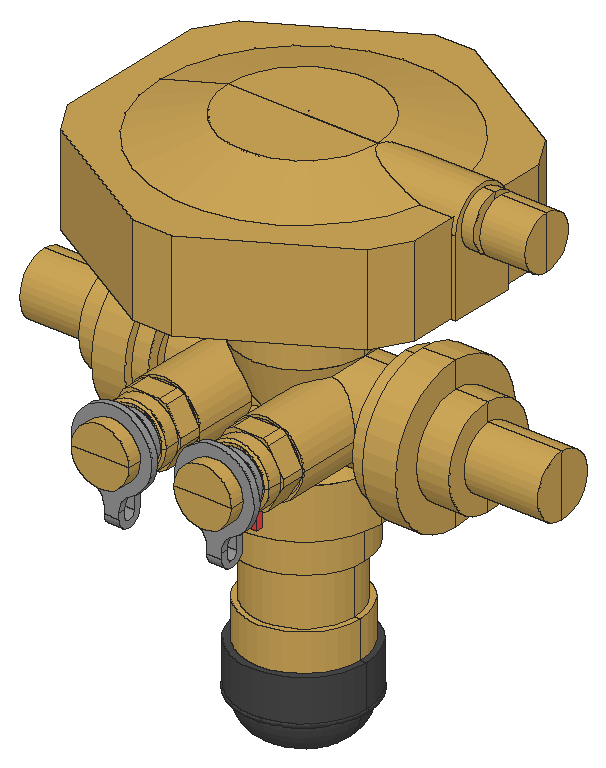
Revit family "Комби-клапан – регулятор расхода 4006_M", category Rohrzubehör, Revit 2018
Family settings
  Bemaßung runder Anschluss = Durchmesser verwenden
  Teiletyp = Unterbricht
  OmniClass-Nummer = 23.65.55.14
  OmniClass-Titel = Valves for Liquid Services
  Arbeitsebenenbasiert = Nein
  Immer vertikal = Ja
  Beim Laden mit Abzugskörper schneiden = Nein
  Gemeinsam genutzt = Nein
Parameters
  Среда = "Качество теплоносителя в соответствии с ÖNORM H5195 и/или предписаниями VDI-Standard 2035.\nРазрешается использование смеси этилен- или пропиленгликоля в соотношении 25-50% с водой."
  Номер заказа резьбового соединения [instance] = size_lookup("4006M_", "Vrnr", 0, Nennweite)  # 1621011
  Номер заказа [instance] = size_lookup("4006M_", "Artnr", 0, Nennweite)  # 1400611
  Мин. рабочая температура (антифриз) = -20 °C  # constant formula
  Макс. рабочая температура до DN32 = 130 °C  # constant formula
  Макс. рабочая температура от DN40 = 110 °C  # constant formula
  Макс. рабочее давление = 1600000.0 Pa  # constant formula
  VRL04 = 8.000 mm  # constant formula
  VRL03 [instance] = L01 + 4.000 mm  # 12.000 mm
  VRL02 = 18.000 mm  # constant formula
  VRL01 [instance] = size_lookup("4006M_", "VRL1", 30.000 mm, Nennweite)  # 30.000 mm
  URL = "www.herz-armaturen.ru"
  Шпиндель = "Нержавеющая сталь 14301"  # constant formula
  SCRNSEQ = "ARM;ARM_TYP=\"DURR\";2"
  SCRNCODE = "05;04;02"  # constant formula
  S05 [instance] = VRL01  # 30.000 mm
  S04 [instance] = H08 + (S03 / 2)  # 45.750 mm
  S03 [instance] = H09 + 4.700 mm  # 26.500 mm
  S02 [instance] = VRD01 * 2  # 36.400 mm
  S01 [instance] = 10.000 mm  # constant formula
  R12 = 3.900 mm  # constant formula
  R11 = 6.500 mm  # constant formula
  R10 = 35.000 mm  # constant formula
  R09 = 18.250 mm  # constant formula
  R08 = 11.300 mm  # constant formula
  R07 [instance] = size_lookup("4006M_", "R7", 17.300 mm, Nennweite)  # 17.300 mm
  R06 [instance] = size_lookup("4006M_", "R6", 19.000 mm, Nennweite)  # 19.000 mm
  R05 = 15.000 mm  # constant formula
  R04 = 12.500 mm  # constant formula
  R02 [instance] = size_lookup("4006M_", "R2", 15.000 mm, Nennweite)  # 15.000 mm
  R01 [instance] = size_lookup("4006M_", "R1", 11.500 mm, Nennweite)  # 11.500 mm
  PN = 16  # constant formula
  Кольцевое уплотнение O-Ring = "EPDM"  # constant formula
  Nennweite [instance] = 15.000 mm
  Мин. рабочая температура (чистая вода) = 2 °C  # constant formula
  Корпус мембраны = "латунь CW602N"  # constant formula
  Мембрана = "EPDM"  # constant formula
  L06 [instance] = L00 / 2  # 33.000 mm
  L05 = 11.000 mm  # constant formula
  L04 = 1.500 mm  # constant formula
  L03 = 3.200 mm  # constant formula
  L02 = 43.500 mm  # constant formula
  L01 [instance] = size_lookup("4006M_", "L1", 8.000 mm, Nennweite)  # 8.000 mm
  L00 [instance] = size_lookup("4006M_", "L", 66.000 mm, Nennweite)  # 66.000 mm
  Импульсная трубка = "Медь Cu-DHP (CW024A)"  # constant formula
  Ход = 4.000 mm  # constant formula
  Hersteller = "Herz-Armaturen GmbH"  # constant formula
  H13 [instance] = H02 - H05 - H03 - H04 - 2.000 mm  # 21.700 mm
  H12 = 19.250 mm  # constant formula
  H11 [instance] = size_lookup("4006M_", "H11", 59.000 mm, Nennweite)  # 59.000 mm
  H10 [instance] = H08 + H09  # 54.300 mm
  H09 = 21.800 mm  # constant formula
  H08 [instance] = H01 + H06 + H07  # 32.500 mm
  H07 = 4.000 mm  # constant formula
  H06 [instance] = size_lookup("4006M_", "H6", 10.000 mm, Nennweite)  # 10.000 mm
  H05 = 9.000 mm  # constant formula
  H04 [instance] = size_lookup("4006M_", "H4", 9.600 mm, Nennweite)  # 9.600 mm
  H03 [instance] = size_lookup("4006M_", "H3", 13.000 mm, Nennweite)  # 13.000 mm
  H02 [instance] = size_lookup("4006M_", "H2", 55.300 mm, Nennweite)  # 55.300 mm
  H01 [instance] = size_lookup("4006M_", "H1", 18.500 mm, Nennweite)  # 18.500 mm
  Корпус = "Латунь, устойчивая к селективной цинковой коррозии"  # constant formula
  VRG03 [instance] = Nennweite / 2  # 7.500 mm
  G02 [instance] = size_lookup("4006M_", "G2", 13.900 mm, Nennweite)  # 13.900 mm
  G01 [instance] = size_lookup("4006M_", "G1", 13.200 mm, Nennweite)  # 13.200 mm
  Пружина = "Пружинная нержавеющая сталь"  # constant formula
  DN50 [instance] = Nennweite = 50.000 mm  # no
  DN40 [instance] = Nennweite = 40.000 mm  # no
  DN32 [instance] = Nennweite = 32.000 mm  # no
  DN25 [instance] = Nennweite = 25.000 mm  # no
  DN20 [instance] = Nennweite = 20.000 mm  # no
  DN15 [instance] = Nennweite = 15.000 mm  # yes
  VRD03 [instance] = VRG03 + 4.500 mm  # 12.000 mm
  VRD02 [instance] = G01 + 3.000 mm  # 16.200 mm
  VRD01 [instance] = G01 + 5.000 mm  # 18.200 mm
  Защитный колпачок = "Пластик"  # constant formula
  Область применения = "Комби-клапан применяется в системах отопления и охлаждения с насосами. Комби-клапан автоматически ограничивает расход на выбранном участке системы до заданного значения, компенсируя все колебания давления. При этом нет необходимости в измерениях, а регулирование эффективно при любых условиях эксплуатации. Комби-клапан регулирует расход в соответствии с настройкой до заданного значения; на мембрану воздействует давление непосредственно до и после регулирующей части."
Reference planes
  plane 1 "Mitte (Vorne/hinten)": y = 0
  plane 2: z = 0
  plane 3 "Mitte (Links/rechts)": x = 0
Forms (mm)
  Revolve 1, solid, material "Messing, weicher Gelbton, geschweißt", detail levels fine
    sketch origin (0, 0, 0) x (1, 0, 0) y (0, 0, 1)
      loop
        line (-33, 0) -> (33, 0) -> (33, 13.2) -> (25, 13.2) -> (25, 11.5) -> (-25, 11.5) -> (-25, 13.2) -> (-33, 13.2) -> (-33, 0)
      axis (-33, 0) -> (33, 0)
    angle from 0 to 360
  Revolve 2, solid, material "Messing, weicher Gelbton, geschweißt", detail levels fine
    sketch origin (0, 0, 0) x (1, 0, 0) y (0, 0, 1)
      loop
        line (0, -55.3) -> (0, 18.5) -> (-15, 18.5) -> (-15, 11.5) -> (-11.5, 0) -> (-19, -11.5) -> (-19, -23.7) -> (-15, -23.7) -> (-15, -33.3) -> (-12.5, -33.3) -> (-12.5, -46.3) -> (-13.9, -46.3) -> (-13.9, -55.3) -> (0, -55.3)
      axis (0, 18.5) -> (0, -55.3)
    angle from 0 to 360
  Extrusion 3, solid, material "Messing, weicher Gelbton, geschweißt", detail levels fine
    sketch origin (0, 0, 0) x (0, -1, 0) y (1, 0, 0)
      loop
        line (-46, -4.75) -> (-27.114, -37.462) -> (-18.886, -42.212) -> (18.886, -42.212) -> (27.114, -37.462) -> (46, -4.75) -> (46, 4.75) -> (27.114, 37.462) -> (18.886, 42.212) -> (-18.886, 42.212) -> (-27.114, 37.462) -> (-46, 4.75) -> (-46, -4.75)
    from 32.5 to 54.3
  Revolve 4, solid, material "Messing, weicher Gelbton, geschweißt", detail levels fine
    sketch origin (0, 0, 0) x (1, 0, 0) y (0, 0, 1)
      loop
        line (0, 54.3) -> (0, 59) -> (-18.25, 59) -> (-35, 54.3) -> (0, 54.3)
      axis (0, 59) -> (0, 54.3)
    angle from 0 to 360
  Extrusion 5, solid, material "Messing, weicher Gelbton, geschweißt", detail levels fine
    sketch origin (0, 0, 0) x (0, 1, 0) y (0, 0, 1)
      loop
        arc (7.85, 51.15) -> (0, 59) -> (-7.85, 51.15) r 7.85
        line (-7.85, 51.15) -> (-7.85, 32.5) -> (7.85, 32.5) -> (7.85, 51.15)
    from 0 to 43.5
  Revolve 6, solid, material "Messing, weicher Gelbton, geschweißt", detail levels fine
    sketch origin (0, 0, 0) x (1, 0, 0) y (0, 0, 1)
      loop
        line (43.5, 51.75) -> (59.2, 51.75) -> (59.2, 58.25) -> (48.2, 58.25) -> (48.2, 55.65) -> (46.7, 55.65) -> (46.7, 58.25) -> (43.5, 58.25) -> (43.5, 51.75)
      axis (43.5, 51.75) -> (59.2, 51.75)
    angle from 0 to 360
  Revolve 7, solid, material "Messing, weicher Gelbton, geschweißt", visible <- "DN15", detail levels fine
    sketch origin (0, 0, 0) x (1, 0, 0) y (0, 1, 0)
      loop
        line (-12.5, 24) -> (-20.2, 24) -> (-20.2, 0) -> (-21.5, 0) -> (-21.5, -27) -> (-12.5, -27) -> (-12.5, 24)
      axis (-12.5, 24) -> (-12.5, -27)
    angle from 0 to 360
  Revolve 8, solid, material "Messing, weicher Gelbton, geschweißt", visible <- "DN15", detail levels fine
    sketch origin (-12.5, 0, 0) x (0, 1, 0) y (0, 0, 1)
      loop
        line (24, 0) -> (39.7, 0) -> (39.7, 6.5) -> (28.7, 6.5) -> (28.7, 3.9) -> (27.2, 3.9) -> (27.2, 6.5) -> (24, 6.5) -> (24, 0)
      axis (24, 0) -> (39.7, 0)
    angle from 0 to 360
  Revolve 9, solid, material "Messing, weicher Gelbton, geschweißt", visible <- "DN15", detail levels fine
    sketch origin (0, 0, 0) x (1, 0, 0) y (0, 1, 0)
      loop
        line (12.5, 0) -> (12.5, -27) -> (21.6, -27) -> (21.6, 0) -> (12.5, 0)
      axis (12.5, 0) -> (12.5, -27)
    angle from 0 to 360
  Revolve 10, solid, material "Messing, weicher Gelbton, geschweißt", visible <- "DN20", detail levels fine
    sketch origin (-2, 0, 0) x (1, 0, 0) y (0, 1, 0)
      loop
        line (-12.5, 27) -> (-20.2, 27) -> (-20.2, 0) -> (-21.5, 0) -> (-21.5, -29) -> (-12.5, -29) -> (-12.5, 27)
      axis (-12.5, 27) -> (-12.5, -29)
    angle from 0 to 360
  Revolve 11, solid, material "Messing, weicher Gelbton, geschweißt", visible <- "DN20", detail levels fine
    sketch origin (2, 0, 0) x (1, 0, 0) y (0, 1, 0)
      loop
        line (12.5, 0) -> (12.5, -29) -> (21.6, -29) -> (21.6, 0) -> (12.5, 0)
      axis (12.5, 0) -> (12.5, -29)
    angle from 0 to 360
  Revolve 12, solid, material "Messing, weicher Gelbton, geschweißt", visible <- "DN20", detail levels fine
    sketch origin (-14.5, 3, 0) x (0, 1, 0) y (0, 0, 1)
      loop
        line (24, 0) -> (39.7, 0) -> (39.7, 6.5) -> (28.7, 6.5) -> (28.7, 3.9) -> (27.2, 3.9) -> (27.2, 6.5) -> (24, 6.5) -> (24, 0)
      axis (24, 0) -> (39.7, 0)
    angle from 0 to 360
  Revolve 13, solid, material "Messing, weicher Gelbton, geschweißt", visible <- "DN25", detail levels fine
    sketch origin (-2.1, 0, 0) x (1, 0, 0) y (0, 1, 0)
      loop
        line (-12.5, 27) -> (-20.2, 27) -> (-20.2, 0) -> (-21.5, 0) -> (-21.5, -29) -> (-12.5, -29) -> (-12.5, 27)
      axis (-12.5, 27) -> (-12.5, -29)
    angle from 0 to 360
  Revolve 14, solid, material "Messing, weicher Gelbton, geschweißt", visible <- "DN25", detail levels fine
    sketch origin (-14.6, 3, 0) x (0, 1, 0) y (0, 0, 1)
      loop
        line (24, 0) -> (39.7, 0) -> (39.7, 6.5) -> (28.7, 6.5) -> (28.7, 3.9) -> (27.2, 3.9) -> (27.2, 6.5) -> (24, 6.5) -> (24, 0)
      axis (24, 0) -> (39.7, 0)
    angle from 0 to 360
  Revolve 15, solid, material "Messing, weicher Gelbton, geschweißt", visible <- "DN25", detail levels fine
    sketch origin (2.1, 0, 0) x (1, 0, 0) y (0, 1, 0)
      loop
        line (12.5, 0) -> (12.5, -29) -> (21.6, -29) -> (21.6, 0) -> (12.5, 0)
      axis (12.5, 0) -> (12.5, -29)
    angle from 0 to 360
  Revolve 16, solid, material "Messing, weicher Gelbton, geschweißt", visible <- "DN32", detail levels fine
    sketch origin (0, 0, 0.637) x (1, 0, 0) y (0, 0, 1)
      loop
        line (-31.5, -0.637) -> (-40.5, -0.637) -> (-40.5, -43.437) -> (-31.5, -43.437) -> (-31.5, -0.637)
      axis (-31.5, -43.437) -> (-31.5, -0.637)
    angle from 0 to 360
  Revolve 17, solid, material "Messing, weicher Gelbton, geschweißt", visible <- "DN32", detail levels fine
    sketch origin (0, 0, 0.637) x (-1, 0, 0) y (0, 0, 1)
      loop
        line (-31.5, -0.637) -> (-40.5, -0.637) -> (-40.5, -43.437) -> (-31.5, -43.437) -> (-31.5, -0.637)
      axis (-31.5, -43.437) -> (-31.5, -0.637)
    angle from 0 to 360
  Revolve 18, solid, material "Messing, weicher Gelbton, geschweißt", visible <- "DN40", detail levels fine
    sketch origin (0, 0, 0) x (1, 0, 0) y (0, 0, 1)
      loop
        line (-37, 0) -> (-46, 0) -> (-46, -54.2) -> (-37, -54.2) -> (-37, 0)
      axis (-37, 0) -> (-37, -54.2)
    angle from 0 to 360
  Revolve 19, solid, material "Messing, weicher Gelbton, geschweißt", visible <- "DN40", detail levels fine
    sketch origin (0, 0, 0) x (-1, 0, 0) y (0, 0, 1)
      loop
        line (-37, 0) -> (-46, 0) -> (-46, -54.2) -> (-37, -54.2) -> (-37, 0)
      axis (-37, 0) -> (-37, -54.2)
    angle from 0 to 360
  Revolve 20, solid, material "Messing, weicher Gelbton, geschweißt", visible <- "DN50", detail levels fine
    sketch origin (-0.1, 0, 0) x (1, 0, 0) y (0, 0, 1)
      loop
        line (-37, 0) -> (-46, 0) -> (-46, -54.2) -> (-37, -54.2) -> (-37, 0)
      axis (-37, 0) -> (-37, -54.2)
    angle from 0 to 360
  Revolve 21, solid, material "Messing, weicher Gelbton, geschweißt", visible <- "DN50", detail levels fine
    sketch origin (0.1, 0, 0) x (-1, 0, 0) y (0, 0, 1)
      loop
        line (-37, 0) -> (-46, 0) -> (-46, -54.2) -> (-37, -54.2) -> (-37, 0)
      axis (-37, 0) -> (-37, -54.2)
    angle from 0 to 360
  Revolve 22, solid, material "Messing, weicher Gelbton, geschweißt", detail levels fine
    sketch origin (-97.028, 0, 0) x (1, 0, 0) y (0, 0, 1)
      loop
        line (130.028, 0) -> (160.028, 0) -> (160.028, 7.5) -> (142.028, 7.5) -> (142.028, 12) -> (134.028, 12) -> (134.028, 18.2) -> (126.028, 18.2) -> (126.028, 16.2) -> (122.028, 16.2) -> (122.028, 13.2) -> (130.028, 13.2) -> (130.028, 0)
      axis (122.028, 0) -> (160.028, 0)
    angle from 0 to 360
  Revolve 23, solid, material "Messing, weicher Gelbton, geschweißt", detail levels fine
    sketch origin (97.028, 0, 0) x (-1, 0, 0) y (0, 0, 1)
      loop
        line (130.028, 0) -> (160.028, 0) -> (160.028, 7.5) -> (142.028, 7.5) -> (142.028, 12) -> (134.028, 12) -> (134.028, 18.2) -> (126.028, 18.2) -> (126.028, 16.2) -> (122.028, 16.2) -> (122.028, 13.2) -> (130.028, 13.2) -> (130.028, 0)
      axis (122.028, 0) -> (160.028, 0)
    angle from 0 to 360
  Revolve 24, solid, material "Messing, weicher Gelbton, geschweißt", visible <- "DN32", detail levels fine
    sketch origin (-9.5, 0, 0) x (1, 0, 0) y (0, 1, 0)
      loop
        line (-12.5, -31) -> (-12.5, 0) -> (-20.2, 0) -> (-20.2, -31) -> (-12.5, -31)
      axis (-12.5, 0) -> (-12.5, -31)
    angle from 0 to 360
  Revolve 25, solid, material "Messing, weicher Gelbton, geschweißt", visible <- "DN32", detail levels fine
    sketch origin (-22, -7, 0) x (0, -1, 0) y (0, 0, -1)
      loop
        line (24, 0) -> (24, -6.5) -> (27.2, -6.5) -> (27.2, -3.9) -> (28.7, -3.9) -> (28.7, -6.5) -> (39.7, -6.5) -> (39.7, 0) -> (24, 0)
      axis (24, 0) -> (39.7, 0)
    angle from 0 to 360
  Revolve 26, solid, material "Messing, weicher Gelbton, geschweißt", visible <- "DN40", detail levels fine
    sketch origin (-17.5, 0, 0) x (1, 0, 0) y (0, 1, 0)
      loop
        line (-12.5, -39.5) -> (-12.5, 0) -> (-20.2, 0) -> (-20.2, -39.5) -> (-12.5, -39.5)
      axis (-12.5, 0) -> (-12.5, -39.5)
    angle from 0 to 360
  Revolve 27, solid, material "Messing, weicher Gelbton, geschweißt", visible <- "DN40", detail levels fine
    sketch origin (-30, -15.5, 0) x (0, -1, 0) y (0, 0, -1)
      loop
        line (24, 0) -> (24, -6.5) -> (27.2, -6.5) -> (27.2, -3.9) -> (28.7, -3.9) -> (28.7, -6.5) -> (39.7, -6.5) -> (39.7, 0) -> (24, 0)
      axis (24, 0) -> (39.7, 0)
    angle from 0 to 360
  Revolve 28, solid, material "Messing, weicher Gelbton, geschweißt", visible <- "DN50", detail levels fine
    sketch origin (-17.6, 0, 0) x (1, 0, 0) y (0, 1, 0)
      loop
        line (-12.5, -39.5) -> (-12.5, 0) -> (-20.2, 0) -> (-20.2, -39.5) -> (-12.5, -39.5)
      axis (-12.5, 0) -> (-12.5, -39.5)
    angle from 0 to 360
  Revolve 29, solid, material "Messing, weicher Gelbton, geschweißt", visible <- "DN50", detail levels fine
    sketch origin (-30.1, -15.5, 0) x (0, -1, 0) y (0, 0, -1)
      loop
        line (24, 0) -> (24, -6.5) -> (27.2, -6.5) -> (27.2, -3.9) -> (28.7, -3.9) -> (28.7, -6.5) -> (39.7, -6.5) -> (39.7, 0) -> (24, 0)
      axis (24, 0) -> (39.7, 0)
    angle from 0 to 360
Lines and regions (mm)
  model lines, detail levels coarse+medium
    curve 1: line (33, -18.2, 0) -> (33, 18.2, 0)
    curve 2: line (33, 18.2, 0) -> (-33, -18.2, 0)
    curve 3: line (-33, -18.2, 0) -> (-33, 18.2, 0)
    curve 4: line (-33, 18.2, 0) -> (33, -18.2, 0)
    curve 5: line (0, -18.5, 0) -> (0, -32.5, 0)
    curve 6: spline (-43.5, -45.75, 0) -> (-42.018, -42.321, 0) -> (-37.672, -39.125, 0) -> (-30.759, -36.381, 0) -> (-21.75, -34.275, 0) -> (-11.259, -32.951, 0) -> (0, -32.5, 0) -> (11.259, -32.951, 0) -> (21.75, -34.275, 0) -> (30.759, -36.381, 0) -> (37.672, -39.125, 0) -> (42.018, -42.321, 0) -> (43.5, -45.75, 0) -> (42.018, -49.179, 0) -> (37.672, -52.375, 0) -> (30.759, -55.119, 0) -> (21.75, -57.225, 0) -> (11.259, -58.549, 0) -> (0, -59, 0) -> (-11.259, -58.549, 0) -> (-21.75, -57.225, 0) -> (-30.759, -55.119, 0) -> (-37.672, -52.375, 0) -> (-42.018, -49.179, 0) -> (-43.5, -45.75, 0)
    curve 7: line (-33, 0, 18.2) -> (-33, 0, -18.2)
    curve 8: line (-33, 0, -18.2) -> (33, 0, 18.2)
    curve 9: line (33, 0, 18.2) -> (33, 0, -18.2)
    curve 10: line (33, 0, -18.2) -> (-33, 0, 18.2)
    curve 11: line (0, 0, 18.5) -> (0, 0, 32.5)
    curve 12: spline (-43.5, 0, 45.75) -> (-42.018, 0, 49.179) -> (-37.672, 0, 52.375) -> (-30.759, 0, 55.119) -> (-21.75, 0, 57.225) -> (-11.259, 0, 58.549) -> (0, 0, 59) -> (11.259, 0, 58.549) -> (21.75, 0, 57.225) -> (30.759, 0, 55.119) -> (37.672, 0, 52.375) -> (42.018, 0, 49.179) -> (43.5, 0, 45.75) -> (42.018, 0, 42.321) -> (37.672, 0, 39.125) -> (30.759, 0, 36.381) -> (21.75, 0, 34.275) -> (11.259, 0, 32.951) -> (0, 0, 32.5) -> (-11.259, 0, 32.951) -> (-21.75, 0, 34.275) -> (-30.759, 0, 36.381) -> (-37.672, 0, 39.125) -> (-42.018, 0, 42.321) -> (-43.5, 0, 45.75)
    curve 13: line (0, 0, 18.5) -> (16.5, 0, 9.1)
    curve 14: line (0, 0, 18.5) -> (-16.5, 0, 9.1)
    curve 15: line (33, 0, 18.2) -> (43, 0, 18.2)
    curve 16: line (43, 0, 18.2) -> (33, 0, 0)
    curve 17: line (33, 0, -18.2) -> (43, 0, -18.2)
    curve 18: line (43, 0, -18.2) -> (33, 0, 0)
    curve 19: line (-33, 0, 18.2) -> (-43, 0, 18.2)
    curve 20: line (-43, 0, 18.2) -> (-33, 0, 0)
    curve 21: line (-33, 0, -18.2) -> (-43, 0, -18.2)
    curve 22: line (-43, 0, -18.2) -> (-33, 0, 0)
    curve 23: line (33, 0, 0) -> (63, 0, 0)
    curve 24: line (-33, 0, 0) -> (-63, 0, 0)
    curve 25: line (0, -18.5, 0) -> (-16.5, -9.1, 0)
    curve 26: line (0, -18.5, 0) -> (16.5, -9.1, 0)
    curve 27: line (33, 18.2, 0) -> (43, 18.2, 0)
    curve 28: line (43, 18.2, 0) -> (33, 0, 0)
    curve 29: line (33, -18.2, 0) -> (43, -18.2, 0)
    curve 30: line (43, -18.2, 0) -> (33, 0, 0)
    curve 31: line (-33, 18.2, 0) -> (-43, 18.2, 0)
    curve 32: line (-43, 18.2, 0) -> (-33, 0, 0)
    curve 33: line (-33, -18.2, 0) -> (-43, -18.2, 0)
    curve 34: line (-43, -18.2, 0) -> (-33, 0, 0)
Dimensions and locks
  equal spacing: Revolve 1 sketch curve, plane 3 "Mitte (Links/rechts)", Revolve 1 sketch curve
  "L00": Revolve 1 sketch curve to Revolve 1 sketch curve
  "G01": Revolve 1 sketch curve to Revolve 1 sketch curve  (x2)
  "R01": Revolve 1 sketch curve to Revolve 1 sketch curve
  "L01": Revolve 1 sketch curve to Revolve 1 sketch curve  (x2)
  "H01": Revolve 2 sketch curve to plane 2
  "R01": Revolve 2 sketch curve to plane 2
  "R02": Revolve 2 sketch curve to Revolve 2 sketch curve
  "R01": Revolve 2 sketch curve to Revolve 2 sketch curve
  "H02": plane 2 to Revolve 2 sketch curve
  "G02": plane 3 "Mitte (Links/rechts)" to Revolve 2 sketch curve
  "H05": Revolve 2 sketch curve to Revolve 2 sketch curve
  "R04": Revolve 2 sketch curve to Revolve 2 sketch curve
  "R05": Revolve 2 sketch curve to Revolve 2 sketch curve
  "R06": Revolve 2 sketch curve to Revolve 2 sketch curve
  "R01": plane 2 to Revolve 2 sketch curve
  "H03": Revolve 2 sketch curve to Revolve 2 sketch curve
  "H04": Revolve 2 sketch curve to Revolve 2 sketch curve
  "H08": Extrusion 3 to plane 2
  "H09": Extrusion 3 to Extrusion 3
  "H10": Revolve 4 sketch curve to plane 2
  "H11": Revolve 4 sketch curve to plane 2
  "R09": Revolve 4 sketch curve to Revolve 4 sketch curve
  "R10": Revolve 4 sketch curve to Revolve 4 sketch curve
  "L02": Extrusion 5 to plane 3 "Mitte (Links/rechts)"
  "H08": Extrusion 5 to plane 2
  "H12": Revolve 6 sketch curve to Extrusion 3
  "R11": Revolve 6 sketch curve to Revolve 6 sketch curve  (x2)
  "L03": Revolve 6 sketch curve to Revolve 6 sketch curve
  "L04": Revolve 6 sketch curve to Revolve 6 sketch curve
  "L05": Revolve 6 sketch curve to Revolve 6 sketch curve
  "R12": Revolve 6 sketch curve to Revolve 6 sketch curve
  "R11": Revolve 8 sketch curve to Revolve 8 sketch curve  (x2)
  "L03": Revolve 8 sketch curve to Revolve 8 sketch curve
  "L04": Revolve 8 sketch curve to Revolve 8 sketch curve
  "L05": Revolve 8 sketch curve to Revolve 8 sketch curve
  "R12": Revolve 8 sketch curve to Revolve 8 sketch curve
  "R06": plane 1 "Mitte (Vorne/hinten)" to nested 1
  Revolve 10 sketch curve to plane 1 "Mitte (Vorne/hinten)" = 29.000 mm
  plane 1 "Mitte (Vorne/hinten)" to Revolve 10 sketch curve = 27.000 mm
  Revolve 11 sketch curve to plane 1 "Mitte (Vorne/hinten)" = 29.000 mm
  "R11": Revolve 12 sketch curve to Revolve 12 sketch curve  (x2)
  "L03": Revolve 12 sketch curve to Revolve 12 sketch curve
  "L04": Revolve 12 sketch curve to Revolve 12 sketch curve
  "L05": Revolve 12 sketch curve to Revolve 12 sketch curve
  "R12": Revolve 12 sketch curve to Revolve 12 sketch curve
  "H13": plane 2 to nested 1
  "R11": Revolve 14 sketch curve to Revolve 14 sketch curve  (x2)
  "L03": Revolve 14 sketch curve to Revolve 14 sketch curve
  "L04": Revolve 14 sketch curve to Revolve 14 sketch curve
  "L05": Revolve 14 sketch curve to Revolve 14 sketch curve
  "R12": Revolve 14 sketch curve to Revolve 14 sketch curve
  plane 3 "Mitte (Links/rechts)" to Revolve 16 sketch curve = 31.500 mm
  Revolve 16 sketch curve to Revolve 16 sketch curve = 9.000 mm
  plane 2 to Revolve 16 sketch curve = 42.800 mm
  Revolve 17 sketch curve to Revolve 17 sketch curve = 9.000 mm
  "VRL01": Revolve 22 sketch curve to Revolve 22 sketch curve
  "L01": Revolve 22 sketch curve to Revolve 22 sketch curve
  "G01": Revolve 22 sketch curve to plane 2
  "VRD02": Revolve 22 sketch curve to plane 2
  "VRD01": Revolve 22 sketch curve to plane 2
  "VRG03": Revolve 22 sketch curve to Revolve 22 sketch curve
  "VRL02": Revolve 22 sketch curve to Revolve 22 sketch curve
  "VRD03": Revolve 22 sketch curve to Revolve 22 sketch curve
  "VRL03": Revolve 22 sketch curve to Revolve 22 sketch curve
  "VRL04": Revolve 22 sketch curve to Revolve 22 sketch curve
  "L06": plane 3 "Mitte (Links/rechts)" to Revolve 22 sketch curve
  "VRL01": Revolve 23 sketch curve to Revolve 23 sketch curve
  "L01": Revolve 23 sketch curve to Revolve 23 sketch curve
  "VRG03": Revolve 23 sketch curve to Revolve 23 sketch curve
  "VRL02": Revolve 23 sketch curve to Revolve 23 sketch curve
  "VRD03": Revolve 23 sketch curve to Revolve 23 sketch curve
  "VRL03": Revolve 23 sketch curve to Revolve 23 sketch curve
  "VRL04": Revolve 23 sketch curve to Revolve 23 sketch curve
  "L06": Revolve 23 sketch curve to plane 3 "Mitte (Links/rechts)"
  "H02": plane 2 to nested 2
  equal spacing: curve 3, plane 3 "Mitte (Links/rechts)", curve 1
  "L00": curve 3 to curve 1
  "S02": curve 4 to curve 3
  equal spacing: curve 3, plane 1 "Mitte (Vorne/hinten)", curve 4
  "VRD01": Revolve 23 sketch curve to plane 2
  "VRD02": Revolve 23 sketch curve to plane 2
  equal spacing: curve 4, plane 1 "Mitte (Vorne/hinten)", curve 2
  "S02": curve 2 to curve 4
  "S03": curve 6 to curve 6
  "L02": curve 6 to plane 3 "Mitte (Links/rechts)"
  "L02": plane 3 "Mitte (Links/rechts)" to curve 6
  "S04": curve 6 to plane 1 "Mitte (Vorne/hinten)"
  "H08": curve 5 to plane 1 "Mitte (Vorne/hinten)"
  "S02": curve 10 to curve 8
  equal spacing: curve 10, plane 2, curve 8
  "S02": curve 9 to curve 10
  equal spacing: curve 9, plane 2, curve 10
  "L00": curve 7 to curve 9
  equal spacing: curve 7, plane 3 "Mitte (Links/rechts)", curve 9
  "H08": curve 11 to plane 2
  "S03": curve 12 to curve 12
  "L02": curve 12 to plane 3 "Mitte (Links/rechts)"
  "L02": plane 3 "Mitte (Links/rechts)" to curve 12
  "S04": curve 12 to plane 2
  equal spacing: curve 7, curve 14, plane 3 "Mitte (Links/rechts)"
  equal spacing: curve 9, curve 13, plane 3 "Mitte (Links/rechts)"
  "H01": curve 14 to plane 2
  "S01": curve 9 to curve 16
  "S01": curve 9 to curve 18
  "S01": curve 20 to curve 7
  "S01": curve 22 to curve 7
  "S05": curve 23 to curve 23
  "S05": curve 24 to curve 24
  equal spacing: curve 3, curve 25, plane 3 "Mitte (Links/rechts)"
  equal spacing: nested 2, curve 26, curve 1
  "H01": curve 26 to plane 1 "Mitte (Vorne/hinten)"
  "S01": curve 1 to curve 28
  "S01": curve 1 to curve 30
  "S01": curve 32 to curve 3
  "S01": curve 34 to curve 3
  "R11": Revolve 25 sketch curve to Revolve 25 sketch curve  (x2)
  "L03": Revolve 25 sketch curve to Revolve 25 sketch curve
  "L04": Revolve 25 sketch curve to Revolve 25 sketch curve
  "L05": Revolve 25 sketch curve to Revolve 25 sketch curve
  "R12": Revolve 25 sketch curve to Revolve 25 sketch curve
  Revolve 24 sketch curve to Revolve 24 sketch curve = 31.000 mm
  "R11": Revolve 27 sketch curve to Revolve 27 sketch curve  (x2)
  "L03": Revolve 27 sketch curve to Revolve 27 sketch curve
  "L04": Revolve 27 sketch curve to Revolve 27 sketch curve
  "L05": Revolve 27 sketch curve to Revolve 27 sketch curve
  "R12": Revolve 27 sketch curve to Revolve 27 sketch curve
  Revolve 26 sketch curve to Revolve 26 sketch curve = 39.500 mm
  "R11": Revolve 29 sketch curve to Revolve 29 sketch curve  (x2)
  "L03": Revolve 29 sketch curve to Revolve 29 sketch curve
  "L04": Revolve 29 sketch curve to Revolve 29 sketch curve
  "L05": Revolve 29 sketch curve to Revolve 29 sketch curve
  "R12": Revolve 29 sketch curve to Revolve 29 sketch curve
  Revolve 28 sketch curve to Revolve 28 sketch curve = 39.500 mm
  aligned and locked: level to plane 2
Automatic sketch dimensions
  plane 3 "Mitte (Links/rechts)" to Extrusion 3 sketch curve = 4.750 mm  (x2)
  Extrusion 3 sketch curve to plane 1 "Mitte (Vorne/hinten)" = 46.000 mm
  Extrusion 3 sketch curve to plane 1 "Mitte (Vorne/hinten)" = 27.114 mm  (x2)
  Extrusion 3 sketch curve to Extrusion 3 sketch curve = 8.227 mm  (x4)
  plane 1 "Mitte (Vorne/hinten)" to Extrusion 3 sketch curve = 18.886 mm  (x2)
  Extrusion 3 sketch curve to Extrusion 3 sketch curve = 18.886 mm
  Extrusion 3 sketch curve to plane 3 "Mitte (Links/rechts)" = 4.750 mm  (x2)
  Extrusion 3 sketch curve to plane 3 "Mitte (Links/rechts)" = 37.462 mm  (x2)
  Extrusion 3 sketch curve to Extrusion 3 sketch curve = 4.750 mm  (x2)
  plane 3 "Mitte (Links/rechts)" to Extrusion 3 sketch curve = 37.462 mm  (x2)
  Extrusion 5 sketch curve to plane 1 "Mitte (Vorne/hinten)" = 0.000 mm
  plane 1 "Mitte (Vorne/hinten)" to Extrusion 5 sketch curve = 7.850 mm
  level to Extrusion 5 sketch curve = 32.500 mm
  Extrusion 5 sketch curve to Extrusion 5 sketch curve = 18.650 mm
  Extrusion 5 sketch curve to Extrusion 5 sketch curve = 0.000 mm
  plane 1 "Mitte (Vorne/hinten)" to Revolve 7 sketch curve = 0.000 mm
  Revolve 7 sketch curve to plane 3 "Mitte (Links/rechts)" = 21.500 mm
  Revolve 7 sketch curve to plane 3 "Mitte (Links/rechts)" = 20.200 mm
  Revolve 7 sketch curve to Revolve 7 sketch curve = 7.700 mm
  plane 1 "Mitte (Vorne/hinten)" to Revolve 7 sketch curve = 27.000 mm
  Revolve 7 sketch curve to plane 1 "Mitte (Vorne/hinten)" = 24.000 mm
  Revolve 7 sketch curve to Revolve 7 sketch curve = 0.000 mm  (x3)
  plane 1 "Mitte (Vorne/hinten)" to Revolve 9 sketch curve = 0.000 mm  (x2)
  plane 3 "Mitte (Links/rechts)" to Revolve 9 sketch curve = 12.500 mm
  Revolve 9 sketch curve to Revolve 9 sketch curve = 9.100 mm
  plane 1 "Mitte (Vorne/hinten)" to Revolve 9 sketch curve = 27.000 mm
  Revolve 9 sketch curve to Revolve 9 sketch curve = 0.000 mm  (x2)
  plane 1 "Mitte (Vorne/hinten)" to Revolve 10 sketch curve = 0.000 mm
  Revolve 10 sketch curve to plane 3 "Mitte (Links/rechts)" = 23.500 mm
  Revolve 10 sketch curve to plane 3 "Mitte (Links/rechts)" = 22.200 mm
  Revolve 10 sketch curve to Revolve 10 sketch curve = 7.700 mm
  Revolve 10 sketch curve to Revolve 10 sketch curve = 0.000 mm
  Revolve 10 sketch curve to Revolve 10 sketch curve = 2.000 mm
  Revolve 10 sketch curve to Revolve 10 sketch curve = 3.000 mm
  plane 1 "Mitte (Vorne/hinten)" to Revolve 11 sketch curve = 0.000 mm  (x2)
  plane 3 "Mitte (Links/rechts)" to Revolve 11 sketch curve = 14.500 mm
  Revolve 11 sketch curve to Revolve 11 sketch curve = 9.100 mm
  Revolve 11 sketch curve to Revolve 11 sketch curve = 0.000 mm
  Revolve 11 sketch curve to Revolve 11 sketch curve = 2.000 mm
  plane 1 "Mitte (Vorne/hinten)" to Revolve 13 sketch curve = 0.000 mm
  Revolve 13 sketch curve to plane 3 "Mitte (Links/rechts)" = 23.600 mm
  Revolve 13 sketch curve to plane 3 "Mitte (Links/rechts)" = 22.300 mm
  Revolve 13 sketch curve to Revolve 13 sketch curve = 7.700 mm
  plane 1 "Mitte (Vorne/hinten)" to Revolve 13 sketch curve = 29.000 mm
  Revolve 13 sketch curve to Revolve 13 sketch curve = 27.000 mm
  Revolve 13 sketch curve to Revolve 13 sketch curve = 0.000 mm
  Revolve 13 sketch curve to Revolve 13 sketch curve = 2.000 mm
  Revolve 13 sketch curve to Revolve 13 sketch curve = 3.000 mm
  plane 1 "Mitte (Vorne/hinten)" to Revolve 15 sketch curve = 0.000 mm  (x2)
  plane 3 "Mitte (Links/rechts)" to Revolve 15 sketch curve = 14.600 mm
  Revolve 15 sketch curve to Revolve 15 sketch curve = 9.100 mm
  Revolve 15 sketch curve to Revolve 15 sketch curve = 29.000 mm
  Revolve 15 sketch curve to Revolve 15 sketch curve = 0.000 mm
  Revolve 15 sketch curve to Revolve 15 sketch curve = 2.000 mm
  Revolve 16 sketch curve to level = 0.000 mm
  Revolve 16 sketch curve to Revolve 16 sketch curve = 0.000 mm
  Revolve 16 sketch curve to Revolve 16 sketch curve = 4.238 mm
  level to Revolve 16 sketch curve = 0.637 mm
  Revolve 17 sketch curve to level = 0.000 mm
  Revolve 17 sketch curve to plane 3 "Mitte (Links/rechts)" = 40.500 mm
  level to Revolve 17 sketch curve = 42.800 mm
  Revolve 17 sketch curve to Revolve 17 sketch curve = 0.000 mm
  Revolve 17 sketch curve to Revolve 17 sketch curve = 4.238 mm
  Revolve 17 sketch curve to level = 0.637 mm
  Revolve 18 sketch curve to level = 0.000 mm  (x2)
  Revolve 18 sketch curve to plane 3 "Mitte (Links/rechts)" = 46.000 mm
  Revolve 18 sketch curve to Revolve 18 sketch curve = 9.000 mm
  Revolve 18 sketch curve to level = 54.200 mm
  Revolve 18 sketch curve to Revolve 18 sketch curve = 0.000 mm  (x2)
  Revolve 19 sketch curve to level = 0.000 mm  (x2)
  Revolve 19 sketch curve to plane 3 "Mitte (Links/rechts)" = 46.000 mm
  Revolve 19 sketch curve to Revolve 19 sketch curve = 9.000 mm
  level to Revolve 19 sketch curve = 54.200 mm
  Revolve 19 sketch curve to Revolve 19 sketch curve = 0.000 mm  (x2)
  Revolve 20 sketch curve to level = 0.000 mm  (x2)
  Revolve 20 sketch curve to plane 3 "Mitte (Links/rechts)" = 46.100 mm
  Revolve 20 sketch curve to Revolve 20 sketch curve = 9.000 mm
  Revolve 20 sketch curve to Revolve 20 sketch curve = 54.200 mm
  Revolve 20 sketch curve to Revolve 20 sketch curve = 0.000 mm  (x2)
  Revolve 21 sketch curve to level = 0.000 mm  (x2)
  Revolve 21 sketch curve to plane 3 "Mitte (Links/rechts)" = 46.100 mm
  Revolve 21 sketch curve to Revolve 21 sketch curve = 9.000 mm
  Revolve 21 sketch curve to Revolve 21 sketch curve = 54.200 mm
  Revolve 21 sketch curve to Revolve 21 sketch curve = 0.000 mm  (x2)
  plane 1 "Mitte (Vorne/hinten)" to Revolve 24 sketch curve = 0.000 mm  (x2)
  Revolve 24 sketch curve to plane 3 "Mitte (Links/rechts)" = 29.700 mm
  Revolve 24 sketch curve to Revolve 24 sketch curve = 7.700 mm
  Revolve 24 sketch curve to Revolve 24 sketch curve = 0.000 mm
  Revolve 24 sketch curve to Revolve 24 sketch curve = 7.000 mm
  plane 1 "Mitte (Vorne/hinten)" to Revolve 26 sketch curve = 0.000 mm  (x2)
  Revolve 26 sketch curve to plane 3 "Mitte (Links/rechts)" = 37.700 mm
  Revolve 26 sketch curve to Revolve 26 sketch curve = 7.700 mm
  Revolve 26 sketch curve to Revolve 26 sketch curve = 0.000 mm
  Revolve 26 sketch curve to Revolve 26 sketch curve = 15.500 mm
  plane 1 "Mitte (Vorne/hinten)" to Revolve 28 sketch curve = 0.000 mm  (x2)
  Revolve 28 sketch curve to plane 3 "Mitte (Links/rechts)" = 37.800 mm
  Revolve 28 sketch curve to Revolve 28 sketch curve = 7.700 mm
  Revolve 28 sketch curve to Revolve 28 sketch curve = 0.000 mm
  Revolve 28 sketch curve to Revolve 28 sketch curve = 15.500 mm
  curve 11 to plane 3 "Mitte (Links/rechts)" = 0.000 mm
  curve 23 to level = 0.000 mm
  curve 22 to level = 0.000 mm
  curve 24 to level = 0.000 mm
  curve 26 to plane 3 "Mitte (Links/rechts)" = 0.000 mm
  plane 1 "Mitte (Vorne/hinten)" to curve 28 = 0.000 mm
  plane 1 "Mitte (Vorne/hinten)" to curve 32 = 0.000 mm
  plane 1 "Mitte (Vorne/hinten)" to curve 30 = 0.000 mm
  plane 1 "Mitte (Vorne/hinten)" to curve 34 = 0.000 mm
  Revolve 1 sketch curve to level = 0.000 mm  (x2)
  Revolve 1 sketch curve to Revolve 1 sketch curve = 1473.530 mm
  Revolve 1 sketch curve to Revolve 1 sketch curve = 1806.148 mm
  Revolve 2 sketch curve to level = 0.000 mm
  Revolve 2 sketch curve to plane 3 "Mitte (Links/rechts)" = 0.000 mm  (x2)
  Revolve 2 sketch curve to Revolve 2 sketch curve = 310.745 mm
  Revolve 2 sketch curve to Revolve 2 sketch curve = 2195.815 mm
  Revolve 4 sketch curve to plane 3 "Mitte (Links/rechts)" = 0.000 mm  (x2)
  Revolve 4 sketch curve to level = 366.045 mm
  Revolve 4 sketch curve to Revolve 4 sketch curve = 2155.315 mm
  plane 3 "Mitte (Links/rechts)" to Revolve 6 sketch curve = 43.500 mm
  Revolve 6 sketch curve to Revolve 6 sketch curve = 0.000 mm  (x3)
  Revolve 8 sketch curve to level = 0.000 mm  (x2)
  Revolve 8 sketch curve to plane 1 "Mitte (Vorne/hinten)" = 24.000 mm
  Revolve 8 sketch curve to Revolve 8 sketch curve = 0.000 mm  (x2)
  Revolve 12 sketch curve to level = 0.000 mm  (x2)
  Revolve 12 sketch curve to plane 1 "Mitte (Vorne/hinten)" = 27.000 mm
  Revolve 12 sketch curve to Revolve 12 sketch curve = 0.000 mm  (x2)
  Revolve 14 sketch curve to level = 0.000 mm  (x2)
  Revolve 14 sketch curve to plane 1 "Mitte (Vorne/hinten)" = 27.000 mm
  Revolve 14 sketch curve to Revolve 14 sketch curve = 0.000 mm  (x2)
  Revolve 22 sketch curve to level = 0.000 mm  (x2)
  Revolve 22 sketch curve to plane 3 "Mitte (Links/rechts)" = 1603.558 mm
  Revolve 22 sketch curve to Revolve 22 sketch curve = 1682.120 mm
  Revolve 23 sketch curve to level = 0.000 mm  (x2)
  Revolve 23 sketch curve to Revolve 23 sketch curve = 3.000 mm
  Revolve 23 sketch curve to plane 3 "Mitte (Links/rechts)" = 1603.558 mm
  Revolve 23 sketch curve to Revolve 23 sketch curve = 1682.120 mm
  Revolve 25 sketch curve to level = 0.000 mm  (x2)
  plane 1 "Mitte (Vorne/hinten)" to Revolve 25 sketch curve = 31.000 mm
  Revolve 25 sketch curve to Revolve 25 sketch curve = 0.000 mm  (x2)
  Revolve 27 sketch curve to level = 0.000 mm  (x2)
  plane 1 "Mitte (Vorne/hinten)" to Revolve 27 sketch curve = 39.500 mm
  Revolve 27 sketch curve to Revolve 27 sketch curve = 0.000 mm  (x2)
  Revolve 29 sketch curve to level = 0.000 mm  (x2)
  plane 1 "Mitte (Vorne/hinten)" to Revolve 29 sketch curve = 39.500 mm
  Revolve 29 sketch curve to Revolve 29 sketch curve = 0.000 mm  (x2)
Nested families
  nested 1: "Herz-Logo-vorne" at (-0.018, -19, -17.2) x (0, 1, 0) z (0, 0, 1), type "Herz-Logo-vorne", detail levels fine
  nested 2: "Bauschutzkappe für Kombiventil" at (0, 0, -55.3), type "Bauschutzkappe für Kombiventil", detail levels fine
  nested 3: "Herz-Logo-vorne" at (-0.018, -19, -17.2) x (0, 1, 0) z (0, 0, 1), type "Herz-Logo-vorne", detail levels fine
  nested 4: "Messstutzen_Band_Eintritt" at (-14.6, -11.5, 0), visible <- "DN25", type "Messstutzen_Band_Eintritt"
    with Schutzkappe yes, Nennweite 0.000 mm, Gewicht 0.00 kg, Bestellnummer 0
  nested 5: "Messstutzen_Band_Eintritt" at (-14.5, -11.5, 0), visible <- "DN20", type "Messstutzen_Band_Eintritt"
    with Schutzkappe yes, Nennweite 0.000 mm, Gewicht 0.00 kg, Bestellnummer 0
  nested 6: "Messstutzen_Band_Eintritt" at (-12.5, -9.5, 0), visible <- "DN15", type "Messstutzen_Band_Eintritt"
    with Schutzkappe yes, Nennweite 0.000 mm, Gewicht 0.00 kg, Bestellnummer 0
  nested 7: "Messstutzen_Band_Austritt" at (14.6, -11.5, 0), visible <- "DN25", type "Messstutzen_Band_Austritt"
    with Schutzkappe yes, Nennweite 0.000 mm, Gewicht 0.00 kg, Bestellnummer 0
  nested 8: "Messstutzen_Band_Austritt" at (14.5, -11.5, 0), visible <- "DN20", type "Messstutzen_Band_Austritt"
    with Schutzkappe yes, Nennweite 0.000 mm, Gewicht 0.00 kg, Bestellnummer 0
  nested 9: "Messstutzen_Band_Austritt" at (12.5, -9.5, 0), visible <- "DN15", type "Messstutzen_Band_Austritt"
    with Schutzkappe yes, Nennweite 0.000 mm, Gewicht 0.00 kg, Bestellnummer 0
  nested 10: "Messstutzen_Band_Eintritt_senkrecht" at (-31.5, 0, -25.3), visible <- "DN32", type "Messstutzen_Band_Eintritt_senkrecht"
    with Schutzkappe yes, Nennweite 0.000 mm, Gewicht 0.00 kg, Bestellnummer 0
  nested 11: "Messstutzen_Band_Eintritt_senkrecht" at (-37.1, 0, -36.7), visible <- "DN50", type "Messstutzen_Band_Eintritt_senkrecht"
    with Schutzkappe yes, Nennweite 0.000 mm, Gewicht 0.00 kg, Bestellnummer 0
  nested 12: "Messstutzen_Band_Eintritt_senkrecht" at (-37, 0, -36.7), visible <- "DN40", type "Messstutzen_Band_Eintritt_senkrecht"
    with Schutzkappe yes, Nennweite 0.000 mm, Gewicht 0.00 kg, Bestellnummer 0
  nested 13: "Messstutzen_Band_Austritt_senkrecht" at (31.5, 0, -25.3), visible <- "DN32", type "Messstutzen_Band_Austritt_senkrecht"
    with Schutzkappe yes, Nennweite 0.000 mm, Gewicht 0.00 kg, Bestellnummer 0
  nested 14: "Messstutzen_Band_Austritt_senkrecht" at (37.1, 0, -36.7), visible <- "DN50", type "Messstutzen_Band_Austritt_senkrecht"
    with Schutzkappe yes, Nennweite 0.000 mm, Gewicht 0.00 kg, Bestellnummer 0
  nested 15: "Messstutzen_Band_Austritt_senkrecht" at (37, 0, -36.7), visible <- "DN40", type "Messstutzen_Band_Austritt_senkrecht"
    with Schutzkappe yes, Nennweite 0.000 mm, Gewicht 0.00 kg, Bestellnummer 0
Connectors
  piping at (63, 0, 0), diameter 15, driven by "Nennweite"
    settings: on Revolve 22, index 1, connector inside diameter 609.6 mm, connector length 0.000 mm, flow factor 0, pipe flow 0.0 L/s, pressure drop 0.0 Pa, fitting loss kfactor 0, connector angle 0.00°, fixture units 0, engagement length 0.000 mm, angle of deflection 0.00°, flow configuration 0, flow direction 1, fitting loss method 0, system type 29, joint type 0, gender type 0, connector reference index -1, connector utility 0, adjustable connector no, is connector primary yes, connector description ""
  piping at (-63, 0, 0), diameter 15, driven by "Nennweite"
    settings: on Revolve 23, index 2, connector inside diameter 609.6 mm, connector length 0.000 mm, flow factor 0, pipe flow 0.0 L/s, pressure drop 0.0 Pa, fitting loss kfactor 0, connector angle 0.00°, fixture units 0, engagement length 0.000 mm, angle of deflection 0.00°, flow configuration 0, flow direction 2, fitting loss method 0, system type 29, joint type 0, gender type 0, connector reference index -1, connector utility 0, adjustable connector no, is connector primary no, connector description ""
Definition of nested family "Herz-Logo-vorne"
  Reference planes
    plane 1 "Mitte (Vorne/hinten)": y = 0
    plane 2: z = 0
    plane 3 "Mitte (Links/rechts)": x = 0
  Forms (mm)
    Extrusion 1, solid
      sketch origin (0.732, -0.018, 0.017) x (0, -1, 0) y (0, 0, 1)
        loop
          line (-0.018, -4.517) -> (4.482, -4.517) -> (4.482, 4.483) -> (-4.518, 4.483) -> (-4.518, -4.517) -> (-0.018, -4.517)
        loop
          line (-0.05, -3.48) -> (3.482, -3.48) -> (3.482, 3.483) -> (-3.518, 3.483) -> (-3.518, -3.48) -> (-0.05, -3.48)
        loop
          arc (-0.018, 2.383) -> (-1.543, 3.287) -> (-3.067, 2.383) r 1.738
          arc (-3.067, 2.383) -> (-3.191, 1.899) -> (-3.067, 1.415) r 1.009
          line (-3.067, 1.415) -> (-0.018, -3.281) -> (3.032, 1.415)
          arc (3.032, 1.415) -> (3.156, 1.899) -> (3.032, 2.383) r 1.009
          arc (3.032, 2.383) -> (1.507, 3.287) -> (-0.018, 2.383) r 1.738
        loop
          arc (1.885, 1.272) -> (2.005, 1.675) -> (1.885, 2.079) r 0.74
          arc (1.885, 2.079) -> (1.265, 2.416) -> (0.644, 2.079) r 0.74
          line (0.644, 2.079) -> (-0.018, 0.97) -> (-0.679, 2.079)
          arc (-0.679, 2.079) -> (-1.3, 2.416) -> (-1.921, 2.079) r 0.74
          arc (-1.921, 2.079) -> (-2.04, 1.675) -> (-1.921, 1.272) r 0.74
          line (-1.921, 1.272) -> (-0.018, -1.658) -> (1.885, 1.272)
      from 0 to 1.5
  Dimensions and locks
    aligned and locked: level to plane 2
Definition of nested family "Bauschutzkappe für Kombiventil"
  Reference planes
    plane 1 "Mitte (Vorne/hinten)": y = 0
    plane 2: z = 0
    plane 3 "Mitte (Links/rechts)": x = 0
  Forms (mm)
    Revolve 1, solid
      sketch origin (0, 0, 0) x (1, 0, 0) y (0, 0, 1)
        loop
          line (0, 0) -> (-15.5, 0) -> (-15.5, -10.067)
          arc (-15.5, -10.067) -> (-15.733, -10.629) -> (-15.25, -11) r 0.5
          line (-15.25, -11) -> (-14.093, -11)
          arc (-14.093, -11) -> (-11.457, -17.364) -> (-5.093, -20) r 9
          line (-5.093, -20) -> (0, -20) -> (0, 0)
        axis (0, 0) -> (0, -20)
      angle from 0 to 360
  Dimensions and locks
    aligned and locked: level to plane 2
Definition of nested family "Messstutzen_Band_Eintritt"
  Parameters (values of type "Messstutzen_Band_Eintritt")
    URL = "www.herz-armaturen.at"
    Schutzkappe [instance] = yes
    Nennweite [instance] = 0.000 mm
    Manufacturer = "Herz Armaturen GmbH"  # constant formula
    Gewicht [instance] = 0.00 kg
    Bestellnummer [instance] = 0
  Reference planes
    plane 1 "Mitte (Vorne/hinten)": y = 0
    plane 2: z = 0
    plane 3 "Mitte (Links/rechts)": x = 0
    plane 4 "Schlaufe 1": y = -27
    plane 5 "Schlaufe 2": y = -31.678
  Forms (mm)
    Revolve 1, solid, detail levels fine
      sketch origin (0, 0, 0) x (1, 0, 0) y (0, 1, 0)
        loop
          line (-7.4, -9) -> (-7.4, -16.5)
          arc (-7.4, -16.5) -> (-7.693, -17.207) -> (-8.4, -17.5) r 1
          line (-8.4, -17.5) -> (-2, -17.5) -> (-2, 0) -> (-5.555, 0) -> (-6.455, -0.9) -> (-6.455, -4.681) -> (-5.843, -5.293)
          arc (-5.843, -5.293) -> (-5.626, -5.617) -> (-5.55, -6) r 1
          line (-5.55, -6) -> (-5.55, -9) -> (-7.4, -9)
        loop
          line (-3.7, -27) -> (-3.7, -30.45) -> (-4.415, -30.863) -> (-4.415, -35.19) -> (-3.805, -35.8) -> (-2, -35.8) -> (-2, -23) -> (-7.9, -23) -> (-7.9, -26.4) -> (-7.3, -27) -> (-3.7, -27)
        axis (0, 0) -> (0, -35.8)
      angle from 0 to 360
    Extrusion 2, solid, detail levels fine
      sketch origin (0, -17.5, 0) x (-1, 0, 0) y (0, 0, -1)
        loop
          line (5.156, -7.07) -> (8.7, -0.93)
          arc (8.7, -0.93) -> (8.75, 0) -> (8.7, 0.93) r 8.75
          line (8.7, 0.93) -> (5.156, 7.07)
          arc (5.156, 7.07) -> (4.375, 7.578) -> (3.544, 8) r 8.75
          line (3.544, 8) -> (-3.544, 8)
          arc (-3.544, 8) -> (-4.375, 7.578) -> (-5.156, 7.07) r 8.75
          line (-5.156, 7.07) -> (-8.7, 0.93)
          arc (-8.7, 0.93) -> (-8.75, 0) -> (-8.7, -0.93) r 8.75
          line (-8.7, -0.93) -> (-5.156, -7.07)
          arc (-5.156, -7.07) -> (-4.375, -7.578) -> (-3.544, -8) r 8.75
          line (-3.544, -8) -> (3.544, -8)
          arc (3.544, -8) -> (4.375, -7.578) -> (5.156, -7.07) r 8.75
      from 0 to 5.5
    Revolve 3, solid, visible <- "Schutzkappe", detail levels fine
      sketch origin (0, 0, 0) x (1, 0, 0) y (0, 1, 0)
        loop
          line (0, -35.878) -> (-3.805, -35.878) -> (-4.415, -35.268) -> (-4.415, -30.178) -> (-6.9, -30.178) -> (-6.9, -31.678) -> (-6.1, -31.678) -> (-6.1, -33.378) -> (-7, -33.378) -> (-7, -36.678) -> (0, -36.678) -> (0, -35.878)
        axis (0, -30.178) -> (0, -36.678)
      angle from 0 to 360
    Extrusion 4, solid, detail levels fine
      sketch origin (0, -27, 0) x (0, 0, -1) y (-1, 0, 0)
        loop
          circle (0, 0) r 3.7
        loop
          arc (5.505, 3.906) -> (-6.75, 0) -> (5.505, -3.906) r 6.75
          arc (5.505, -3.906) -> (7.288, -2.358) -> (9.582, -1.8) r 5
          line (9.582, -1.8) -> (9.582, 1.8)
          arc (9.582, 1.8) -> (7.288, 2.358) -> (5.505, 3.906) r 5
      from 0 to -1.5
    Extrusion 5, solid, detail levels fine
      sketch origin (0, -31.678, 0) x (0, 0, -1) y (-1, 0, 0)
        loop
          circle (0, 0) r 6.1
        loop
          arc (8.652, 4.495) -> (-9.75, 0) -> (8.652, -4.495) r 9.75
          arc (8.652, -4.495) -> (10.493, -2.527) -> (13.089, -1.8) r 5
          line (13.089, -1.8) -> (13.089, 1.8)
          arc (13.089, 1.8) -> (10.493, 2.527) -> (8.652, 4.495) r 5
      from 0 to -1.5
    Sweep 6, solid, detail levels fine
      path origin (0, 0, 0) x (0, 1, 0) y (0, 0, 1)
        loop
          line (-27.75, -9.582) -> (-27.75, -14.522)
          arc (-27.75, -14.522) -> (-30.089, -16.862) -> (-32.428, -14.522) r 2.339
          line (-32.428, -14.522) -> (-32.428, -13.089)
      profile origin (0, -27.75, -12.052) x (1, 0, 0) y (0, 1, 0)
        loop
          line (-1.8, 0.75) -> (-1.8, -0.75) -> (1.8, -0.75) -> (1.8, 0.75) -> (-1.8, 0.75)
  Cuts and joins
    joined: Extrusion 4, Extrusion 5, Sweep 6
  Dimensions and locks
    aligned and locked: level to plane 2
Definition of nested family "Messstutzen_Band_Austritt"
  Parameters (values of type "Messstutzen_Band_Austritt")
    URL = "www.herz-armaturen.at"
    Schutzkappe [instance] = yes
    Nennweite [instance] = 0.000 mm
    Manufacturer = "Herz Armaturen GmbH"  # constant formula
    Gewicht [instance] = 0.00 kg
    Bestellnummer [instance] = 0
  Reference planes
    plane 1 "Mitte (Vorne/hinten)": y = 0
    plane 2: z = 0
    plane 3 "Mitte (Links/rechts)": x = 0
    plane 4 "Schlaufe 1": y = -27
    plane 5 "Schlaufe 2": y = -31.678
  Forms (mm)
    Revolve 1, solid, detail levels fine
      sketch origin (0, 0, 0) x (1, 0, 0) y (0, 1, 0)
        loop
          line (-7.4, -9) -> (-7.4, -16.5)
          arc (-7.4, -16.5) -> (-7.693, -17.207) -> (-8.4, -17.5) r 1
          line (-8.4, -17.5) -> (-2, -17.5) -> (-2, 0) -> (-5.555, 0) -> (-6.455, -0.9) -> (-6.455, -4.681) -> (-5.843, -5.293)
          arc (-5.843, -5.293) -> (-5.626, -5.617) -> (-5.55, -6) r 1
          line (-5.55, -6) -> (-5.55, -9) -> (-7.4, -9)
        loop
          line (-3.7, -27) -> (-3.7, -30.45) -> (-4.415, -30.863) -> (-4.415, -35.19) -> (-3.805, -35.8) -> (-2, -35.8) -> (-2, -23) -> (-7.9, -23) -> (-7.9, -26.4) -> (-7.3, -27) -> (-3.7, -27)
        axis (0, 0) -> (0, -35.8)
      angle from 0 to 360
    Extrusion 2, solid, detail levels fine
      sketch origin (0, -17.5, 0) x (-1, 0, 0) y (0, 0, -1)
        loop
          line (5.156, -7.07) -> (8.7, -0.93)
          arc (8.7, -0.93) -> (8.75, 0) -> (8.7, 0.93) r 8.75
          line (8.7, 0.93) -> (5.156, 7.07)
          arc (5.156, 7.07) -> (4.375, 7.578) -> (3.544, 8) r 8.75
          line (3.544, 8) -> (-3.544, 8)
          arc (-3.544, 8) -> (-4.375, 7.578) -> (-5.156, 7.07) r 8.75
          line (-5.156, 7.07) -> (-8.7, 0.93)
          arc (-8.7, 0.93) -> (-8.75, 0) -> (-8.7, -0.93) r 8.75
          line (-8.7, -0.93) -> (-5.156, -7.07)
          arc (-5.156, -7.07) -> (-4.375, -7.578) -> (-3.544, -8) r 8.75
          line (-3.544, -8) -> (3.544, -8)
          arc (3.544, -8) -> (4.375, -7.578) -> (5.156, -7.07) r 8.75
      from 0 to 5.5
    Revolve 3, solid, visible <- "Schutzkappe", detail levels fine
      sketch origin (0, 0, 0) x (1, 0, 0) y (0, 1, 0)
        loop
          line (0, -35.878) -> (-3.805, -35.878) -> (-4.415, -35.268) -> (-4.415, -30.178) -> (-6.9, -30.178) -> (-6.9, -31.678) -> (-6.1, -31.678) -> (-6.1, -33.378) -> (-7, -33.378) -> (-7, -36.678) -> (0, -36.678) -> (0, -35.878)
        axis (0, -30.178) -> (0, -36.678)
      angle from 0 to 360
    Extrusion 4, solid, detail levels fine
      sketch origin (0, -27, 0) x (0, 0, -1) y (-1, 0, 0)
        loop
          circle (0, 0) r 3.7
        loop
          arc (5.505, 3.906) -> (-6.75, 0) -> (5.505, -3.906) r 6.75
          arc (5.505, -3.906) -> (7.288, -2.358) -> (9.582, -1.8) r 5
          line (9.582, -1.8) -> (9.582, 1.8)
          arc (9.582, 1.8) -> (7.288, 2.358) -> (5.505, 3.906) r 5
      from 0 to -1.5
    Extrusion 5, solid, detail levels fine
      sketch origin (0, -31.678, 0) x (0, 0, -1) y (-1, 0, 0)
        loop
          circle (0, 0) r 6.1
        loop
          arc (8.652, 4.495) -> (-9.75, 0) -> (8.652, -4.495) r 9.75
          arc (8.652, -4.495) -> (10.493, -2.527) -> (13.089, -1.8) r 5
          line (13.089, -1.8) -> (13.089, 1.8)
          arc (13.089, 1.8) -> (10.493, 2.527) -> (8.652, 4.495) r 5
      from 0 to -1.5
    Sweep 6, solid, detail levels fine
      path origin (0, 0, 0) x (0, 1, 0) y (0, 0, 1)
        loop
          line (-27.75, -9.582) -> (-27.75, -14.522)
          arc (-27.75, -14.522) -> (-30.089, -16.862) -> (-32.428, -14.522) r 2.339
          line (-32.428, -14.522) -> (-32.428, -13.089)
      profile origin (0, -27.75, -12.052) x (1, 0, 0) y (0, 1, 0)
        loop
          line (-1.8, 0.75) -> (-1.8, -0.75) -> (1.8, -0.75) -> (1.8, 0.75) -> (-1.8, 0.75)
  Cuts and joins
    joined: Extrusion 4, Extrusion 5, Sweep 6
  Dimensions and locks
    aligned and locked: level to plane 2
Definition of nested family "Messstutzen_Band_Eintritt_senkrecht"
  Parameters (values of type "Messstutzen_Band_Eintritt_senkrecht")
    URL = "www.herz-armaturen.at"
    Schutzkappe [instance] = yes
    Nennweite [instance] = 0.000 mm
    Manufacturer = "Herz Armaturen GmbH"  # constant formula
    Gewicht [instance] = 0.00 kg
    Bestellnummer [instance] = 0
  Reference planes
    plane 1 "Mitte (Vorne/hinten)": y = 0
    plane 2: z = 0
    plane 3 "Mitte (Links/rechts)": x = 0
    plane 4 "Schlaufe 1": z = -27
    plane 5 "Schlaufe 2": z = -31.678
  Forms (mm)
    Revolve 1, solid, detail levels fine
      sketch origin (0, 0, 0) x (1, 0, 0) y (0, 0, 1)
        loop
          line (-7.4, -9) -> (-7.4, -16.5)
          arc (-7.4, -16.5) -> (-7.693, -17.207) -> (-8.4, -17.5) r 1
          line (-8.4, -17.5) -> (-2, -17.5) -> (-2, 0) -> (-5.555, 0) -> (-6.455, -0.9) -> (-6.455, -4.681) -> (-5.843, -5.293)
          arc (-5.843, -5.293) -> (-5.626, -5.617) -> (-5.55, -6) r 1
          line (-5.55, -6) -> (-5.55, -9) -> (-7.4, -9)
        loop
          line (-3.7, -27) -> (-3.7, -30.45) -> (-4.415, -30.863) -> (-4.415, -35.19) -> (-3.805, -35.8) -> (-2, -35.8) -> (-2, -23) -> (-7.9, -23) -> (-7.9, -26.4) -> (-7.3, -27) -> (-3.7, -27)
        axis (0, 0) -> (0, -35.8)
      angle from 0 to 360
    Extrusion 2, solid, detail levels fine
      sketch origin (0, 0, -17.5) x (0, 1, 0) y (1, 0, 0)
        loop
          line (-7.07, -5.156) -> (-0.93, -8.7)
          arc (-0.93, -8.7) -> (0, -8.75) -> (0.93, -8.7) r 8.75
          line (0.93, -8.7) -> (7.07, -5.156)
          arc (7.07, -5.156) -> (7.578, -4.375) -> (8, -3.544) r 8.75
          line (8, -3.544) -> (8, 3.544)
          arc (8, 3.544) -> (7.578, 4.375) -> (7.07, 5.156) r 8.75
          line (7.07, 5.156) -> (0.93, 8.7)
          arc (0.93, 8.7) -> (0, 8.75) -> (-0.93, 8.7) r 8.75
          line (-0.93, 8.7) -> (-7.07, 5.156)
          arc (-7.07, 5.156) -> (-7.578, 4.375) -> (-8, 3.544) r 8.75
          line (-8, 3.544) -> (-8, -3.544)
          arc (-8, -3.544) -> (-7.578, -4.375) -> (-7.07, -5.156) r 8.75
      from 0 to 5.5
    Revolve 3, solid, visible <- "Schutzkappe", detail levels fine
      sketch origin (0, 0, 0) x (1, 0, 0) y (0, 0, 1)
        loop
          line (0, -35.878) -> (-3.805, -35.878) -> (-4.415, -35.268) -> (-4.415, -30.178) -> (-6.9, -30.178) -> (-6.9, -31.678) -> (-6.1, -31.678) -> (-6.1, -33.378) -> (-7, -33.378) -> (-7, -36.678) -> (0, -36.678) -> (0, -35.878)
        axis (0, -30.178) -> (0, -36.678)
      angle from 0 to 360
    Extrusion 4, solid, detail levels fine
      sketch origin (0, 0, -27) x (0, 1, 0) y (-1, 0, 0)
        loop
          circle (0, 0) r 3.7
        loop
          arc (5.505, 3.906) -> (-6.75, 0) -> (5.505, -3.906) r 6.75
          arc (5.505, -3.906) -> (7.288, -2.358) -> (9.582, -1.8) r 5
          line (9.582, -1.8) -> (9.582, 1.8)
          arc (9.582, 1.8) -> (7.288, 2.358) -> (5.505, 3.906) r 5
      from 0 to -1.5
    Extrusion 5, solid, detail levels fine
      sketch origin (0, 0, -31.678) x (0, 1, 0) y (-1, 0, 0)
        loop
          circle (0, 0) r 6.1
        loop
          arc (8.652, 4.495) -> (-9.75, 0) -> (8.652, -4.495) r 9.75
          arc (8.652, -4.495) -> (10.493, -2.527) -> (13.089, -1.8) r 5
          line (13.089, -1.8) -> (13.089, 1.8)
          arc (13.089, 1.8) -> (10.493, 2.527) -> (8.652, 4.495) r 5
      from 0 to -1.5
    Sweep 6, solid, detail levels fine
      path origin (0, 0, 0) x (0, 0, 1) y (0, -1, 0)
        loop
          line (-27.75, -9.582) -> (-27.75, -14.522)
          arc (-27.75, -14.522) -> (-30.089, -16.862) -> (-32.428, -14.522) r 2.339
          line (-32.428, -14.522) -> (-32.428, -13.089)
      profile origin (0, 12.052, -27.75) x (0, 0, 1) y (1, 0, 0)
        loop
          line (0.75, -1.8) -> (0.75, 1.8) -> (-0.75, 1.8) -> (-0.75, -1.8) -> (0.75, -1.8)
  Cuts and joins
    joined: Extrusion 4, Extrusion 5, Sweep 6
  Dimensions and locks
    aligned and locked: level to plane 2
Definition of nested family "Messstutzen_Band_Austritt_senkrecht"
  Parameters (values of type "Messstutzen_Band_Austritt_senkrecht")
    URL = "www.herz-armaturen.at"
    Schutzkappe [instance] = yes
    Nennweite [instance] = 0.000 mm
    Manufacturer = "Herz Armaturen GmbH"  # constant formula
    Gewicht [instance] = 0.00 kg
    Bestellnummer [instance] = 0
  Reference planes
    plane 1 "Mitte (Vorne/hinten)": y = 0
    plane 2: z = 0
    plane 3 "Mitte (Links/rechts)": x = 0
    plane 4 "Schlaufe 1": z = -27
    plane 5 "Schlaufe 2": z = -31.678
  Forms (mm)
    Revolve 1, solid, detail levels fine
      sketch origin (0, 0, 0) x (1, 0, 0) y (0, 0, 1)
        loop
          line (-7.4, -9) -> (-7.4, -16.5)
